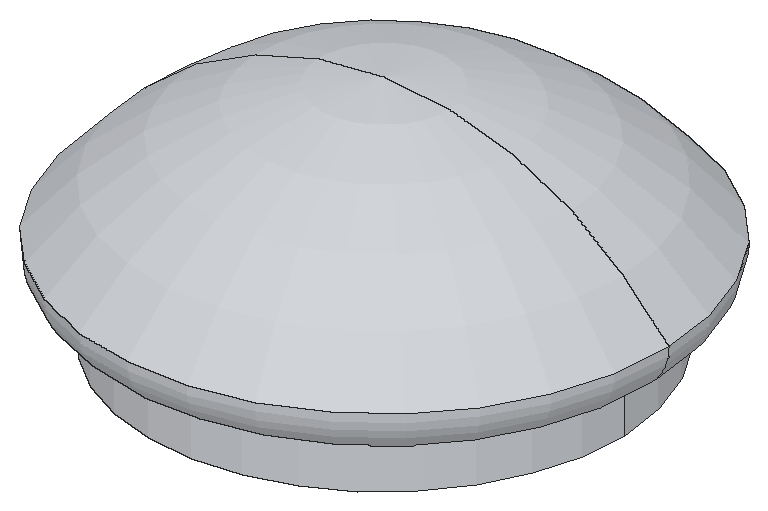
Revit family "0043425", category Lighting Fixtures, host Face, Revit 2017
Family settings
  Host = Face
  Round Connector Dimension = Use Diameter
  Part Type = Normal
  OmniClass Number = 23.80.70.00
  OmniClass Title = Lighting
  Cut with Voids When Loaded = No
  Light Source = Yes
  Shared = No
  Room Calculation Point = No
Parameters (values of type "0043425_3000K START eco Surface IP44 520LM 830/840 DT")
  YIN_SENSOR_SYL = no
  YIN_360_SYL = no
  YIN_330_SYL = no
  YIN_250_SYL = no
  YIN_180_SYL = yes
  Weight = "1.02 kg"
  Wattage Comments = ""
  Wattage = 6 W
  WarrantyStartDate [instance] = "n/a"
  WarrantyGuarantorParts = "n/a"
  WarrantyDurationUnit = "n/a"
  WarrantyDurationParts = "n/a"
  WarrantyDescription = "n/a"
  built-in parameter 1150110 = 1 (stored number, unit not read)
  Voltage = 0 V
  URL = "http://www.sylvania-lighting.com"
  TypeName = "Start eco Surface IP44 520lm 830/840 DualTone"
  Type Image = <None>
  Type Comments = "n/a"
  built-in parameter 1114217 = 1 (stored number, unit not read)
  Tilt Angle = -90.00°
  built-in parameter 1150109 = 1 (stored number, unit not read)
  built-in parameter 1150134 = (empty or 0)
  built-in parameter 1150113 = 1 (stored number, unit not read)
  SerialNumber [instance] = "n/a"
  SENSOR_SYL = 12 mm
  Photometric Web File = "0043425_3000K.ies"
  Material_3_SYL = none
  PowerFactor = 0.8
  PowerConsumption = "6 W"
  NominalLength = 180 mm
  NominalHeight = 75 mm
  NominalDepth = 180 mm
  Name = "Start eco Surface IP44 520lm 830/840 DualTone"
  ModelReference = Name  # "Start eco Surface IP44 520lm 830/840 DualTone"
  ModelNumber = "0043425"
  Model = Name  # "Start eco Surface IP44 520lm 830/840 DualTone"
  Material = "steel housing, other diffuser"
  ManufacturerName = "Feilo Sylvania"
  Manufacturer = "Feilo Sylvania"
  LuminousEfficacy = "85 lm/W"
  built-in parameter 1150105 = 40.585 (stored number, unit not read)
  Lumens = 510 lm
  LuminaireType = ""
  built-in parameter 1150115 = 1 (stored number, unit not read)
  LightOutputRatio = "n/a"
  built-in parameter 1150137 = (empty or 0)
  built-in parameter 1150139 = (empty or 0)
  LampsType = Lamp  # "LED"
  LampNominalLuminous = "520 lm"
  LampMacAdamStep = "6"
  LampColourTemperature = "3000 K"
  LampColourRenderingIndex = "80"
  built-in parameter 1150112 = 1 (stored number, unit not read)
  built-in parameter 1150114 = 1 (stored number, unit not read)
  Lamp = "LED"
  LUM_R_SYL = if(YIN_180_SYL, 90 mm, if(YIN_250_SYL, 125 mm, if(YIN_330_SYL, 165 mm, if(YIN_360_SYL, 180 mm, 180 mm))))  # 90 mm
  LUM_R_HEIGHT_SYL = LUM_H_SYL - 30 mm  # 45 mm
  LUM_H_SYL = if(YIN_180_SYL, 75 mm, if(YIN_250_SYL, 80 mm, if(YIN_330_SYL, 96 mm, if(YIN_360_SYL, 100 mm, 100 mm))))  # 75 mm
  Keynote = "16500"
  InstallationDate [instance] = "n/a"
  InputVoltage = "n/a"
  InputNominalFrequency = "n/a"
  built-in parameter 1150132 = (empty or 0)
  built-in parameter 1150102 = (empty or 0)
  built-in parameter 1150107 = 3000 (stored number, unit not read)
  built-in parameter 1150138 = (empty or 0)
  IngressProtection = "IP44"
  ImpactProtectionIndex = "IK03"
  built-in parameter 1150106 = 0.40585 (stored number, unit not read)
  IfcExportType = "IfcLightFixtureType"
  IfcExportAs = "IfcLightFixtureType"
  Emit from Circle Diameter = 609.6 mm
  Emit Shape Visible in Rendering = no
  ElectricShockClassification = "Class I"
  built-in parameter 1150104 = 7.8968 (stored number, unit not read)
  DocumentationLiterature = "http://www.sylvania-lighting.com/product/en-int/products/0043425"
  DimmingControlOptions = "n/a"
  Material_2_SYL = none
  Dimming Lamp Color Temperature Shift = <None>
  Description = ""
  Default Elevation = 1219.2 mm
  CreatedOn = "8/18/2020"
  CreatedBy = "@sylvania-lighting.com"
  Cost = 0
  Color Filter = 16777215
  built-in parameter 1114216 [instance] = (empty or 0)
  ClassificationValue = "EF_70_80"
  ClassificationName = "Uniclass2015"
  Material_1_SYL = none
  BarCode [instance] = "n/a"
  built-in parameter 1114218 = 1 (stored number, unit not read)
  BOTTOM_R_SYL = if(YIN_180_SYL, 76 mm, if(YIN_250_SYL, 110 mm, if(YIN_330_SYL, 150 mm, if(YIN_360_SYL, 150 mm, 150 mm))))  # 76 mm
  BOTTOM_HEIGHT_SYL = LUM_H_SYL - 15 mm  # 60 mm
  built-in parameter 1150133 = 10 (stored number, unit not read)
  AssetType = "Fixed"
  AssetIdentifier [instance] = "n/a"
  Assembly Code = "D5020200"
  Apparent Load = 6 VA
  Material_4_SYL = none
Types (16, lengths in mm): name | YIN_360_SYL | YIN_330_SYL | YIN_250_SYL | YIN_180_SYL | Weight | Wattage | TypeName | built-in parameter 1150134 | Photometric Web File | PowerFactor | PowerConsumption | NominalLength | NominalHeight | NominalDepth | Name | ModelReference | ModelNumber | Model | LuminousEfficacy | built-in parameter 1150105 | Lumens | LampNominalLuminous | LampColourTemperature | LUM_R_SYL | LUM_R_HEIGHT_SYL | LUM_H_SYL | built-in parameter 1150107 | built-in parameter 1150106 | built-in parameter 1150104 | DocumentationLiterature | BOTTOM_R_SYL | BOTTOM_HEIGHT_SYL | Apparent Load
  0043436_3000K START eco Surface IP44 2050LM MW 830/840 DT | yes | no | no | no | "3.42 kg" | 24 W | "Start eco Surface IP44 2050lm MW 830/840 DualTone" | (empty or 0) | "0043436_3000K.ies" | 0 | "n/a" | 360 | 100 | 360 | "Start eco Surface IP44 2050lm MW 830/840 DualTone" | "Start eco Surface IP44 2050lm MW 830/840 DualTone" | "0043436" | "Start eco Surface IP44 2050lm MW 830/840 DualTone" | "n/a" | (empty or 0) | 0 lm | "2050 lm" | "3000 K" | 180 | 70 | 100 | 3000 (stored number, unit not read) | 1.0982 (stored number, unit not read) | (empty or 0) | "http://www.sylvania-lighting.com/product/en-int/products/0043436" | 150 | 85 | 0 VA
  0043435_4000K START eco Surface IP44 1550LM MW 830/840 DT | no | yes | no | no | "3.42 kg" | 18 W | "Start eco Surface IP44 1550lm MW 830/840 DualTone" | 12 | "0043435_4000K.ies" | 0 | "n/a" | 330 | 96 | 330 | "Start eco Surface IP44 1550lm MW 830/840 DualTone" | "Start eco Surface IP44 1550lm MW 830/840 DualTone" | "0043435" | "Start eco Surface IP44 1550lm MW 830/840 DualTone" | "n/a" | (empty or 0) | 0 lm | "1550 lm" | "4000 K" | 165 | 66 | 96 | 4000 (stored number, unit not read) | 1.0982 (stored number, unit not read) | (empty or 0) | "http://www.sylvania-lighting.com/product/en-int/products/0043435" | 150 | 81 | 0 VA
  0043435_3000K START eco Surface IP44 1550LM MW 830/840 DT | no | yes | no | no | "3.42 kg" | 18 W | "Start eco Surface IP44 1550lm MW 830/840 DualTone" | (empty or 0) | "0043435_3000K.ies" | 0 | "n/a" | 330 | 96 | 330 | "Start eco Surface IP44 1550lm MW 830/840 DualTone" | "Start eco Surface IP44 1550lm MW 830/840 DualTone" | "0043435" | "Start eco Surface IP44 1550lm MW 830/840 DualTone" | "n/a" | (empty or 0) | 0 lm | "1550 lm" | "3000 K" | 165 | 66 | 96 | 3000 (stored number, unit not read) | 1.0982 (stored number, unit not read) | (empty or 0) | "http://www.sylvania-lighting.com/product/en-int/products/0043435" | 150 | 81 | 0 VA
  0043434_4000K START eco Surface IP44 2050LM DIM 30/840 DT | yes | no | no | no | "3.54 kg" | 24 W | "Start eco Surface IP44 2050lm DIM 830/840 DualTone" | 12 | "0043434_4000K.ies" | 0 | "n/a" | 360 | 100 | 360 | "Start eco Surface IP44 2050lm DIM 830/840 DualTone" | "Start eco Surface IP44 2050lm DIM 830/840 DualTone" | "0043434" | "Start eco Surface IP44 2050lm DIM 830/840 DualTone" | "n/a" | (empty or 0) | 0 lm | "2050 lm" | "4000 K" | 180 | 70 | 100 | 4000 (stored number, unit not read) | 1.0982 (stored number, unit not read) | (empty or 0) | "http://www.sylvania-lighting.com/product/en-int/products/0043434" | 150 | 85 | 0 VA
  0043434_3000K START eco Surface IP44 2050LM DIM 30/840 DT | yes | no | no | no | "3.54 kg" | 24 W | "Start eco Surface IP44 2050lm DIM 830/840 DualTone" | (empty or 0) | "0043434_3000K.ies" | 0 | "n/a" | 360 | 100 | 360 | "Start eco Surface IP44 2050lm DIM 830/840 DualTone" | "Start eco Surface IP44 2050lm DIM 830/840 DualTone" | "0043434" | "Start eco Surface IP44 2050lm DIM 830/840 DualTone" | "n/a" | (empty or 0) | 0 lm | "2050 lm" | "3000 K" | 180 | 70 | 100 | 3000 (stored number, unit not read) | 1.0982 (stored number, unit not read) | (empty or 0) | "http://www.sylvania-lighting.com/product/en-int/products/0043434" | 150 | 85 | 0 VA
  0043433_4000K START eco Surface IP44 1550LM DIM 830/840 DT | no | yes | no | no | "3.54 kg" | 18 W | "Start eco Surface IP44 1550lm DIM 830/840 DualTone" | 12 | "0043433_4000K.ies" | 0 | "n/a" | 330 | 96 | 330 | "Start eco Surface IP44 1550lm DIM 830/840 DualTone" | "Start eco Surface IP44 1550lm DIM 830/840 DualTone" | "0043433" | "Start eco Surface IP44 1550lm DIM 830/840 DualTone" | "n/a" | (empty or 0) | 0 lm | "1550 lm" | "4000 K" | 165 | 66 | 96 | 4000 (stored number, unit not read) | 1.0982 (stored number, unit not read) | (empty or 0) | "http://www.sylvania-lighting.com/product/en-int/products/0043433" | 150 | 81 | 0 VA
  0043433_3000K START eco Surface IP44 1550LM DIM 830/840 DT | no | yes | no | no | "3.54 kg" | 18 W | "Start eco Surface IP44 1550lm DIM 830/840 DualTone" | (empty or 0) | "0043433_3000K.ies" | 0 | "n/a" | 330 | 96 | 330 | "Start eco Surface IP44 1550lm DIM 830/840 DualTone" | "Start eco Surface IP44 1550lm DIM 830/840 DualTone" | "0043433" | "Start eco Surface IP44 1550lm DIM 830/840 DualTone" | "n/a" | (empty or 0) | 0 lm | "1550 lm" | "3000 K" | 165 | 66 | 96 | 3000 (stored number, unit not read) | 1.0982 (stored number, unit not read) | (empty or 0) | "http://www.sylvania-lighting.com/product/en-int/products/0043433" | 150 | 81 | 0 VA
  0043428_4000K START eco Surface IP44 2050LM 830/840 DT | yes | no | no | no | "3.12 kg" | 24 W | "Start eco Surface IP44 2050lm 830/840 DualTone" | 12 | "0043428_4000K.ies" | 0 | "n/a" | 360 | 100 | 360 | "Start eco Surface IP44 2050lm 830/840 DualTone" | "Start eco Surface IP44 2050lm 830/840 DualTone" | "0043428" | "Start eco Surface IP44 2050lm 830/840 DualTone" | "n/a" | (empty or 0) | 0 lm | "2050 lm" | "4000 K" | 180 | 70 | 100 | 4000 (stored number, unit not read) | 1.0982 (stored number, unit not read) | (empty or 0) | "http://www.sylvania-lighting.com/product/en-int/products/0043428" | 150 | 85 | 0 VA
  0043428_3000K START eco Surface IP44 2050LM 830/840 DT | yes | no | no | no | "3.12 kg" | 24 W | "Start eco Surface IP44 2050lm 830/840 DualTone" | (empty or 0) | "0043428_3000K.ies" | 0 | "n/a" | 360 | 100 | 360 | "Start eco Surface IP44 2050lm 830/840 DualTone" | "Start eco Surface IP44 2050lm 830/840 DualTone" | "0043428" | "Start eco Surface IP44 2050lm 830/840 DualTone" | "n/a" | (empty or 0) | 0 lm | "2050 lm" | "3000 K" | 180 | 70 | 100 | 3000 (stored number, unit not read) | 1.0982 (stored number, unit not read) | (empty or 0) | "http://www.sylvania-lighting.com/product/en-int/products/0043428" | 150 | 85 | 0 VA
  0043427_4000K START eco Surface IP44 1550LM 830/840 DT | no | yes | no | no | "3.12 kg" | 18 W | "Start eco Surface IP44 1550lm 830/840 DualTone" | 12 | "0043427_4000K.ies" | 0 | "n/a" | 330 | 96 | 330 | "Start eco Surface IP44 1550lm 830/840 DualTone" | "Start eco Surface IP44 1550lm 830/840 DualTone" | "0043427" | "Start eco Surface IP44 1550lm 830/840 DualTone" | "n/a" | (empty or 0) | 0 lm | "1550 lm" | "4000 K" | 165 | 66 | 96 | 4000 (stored number, unit not read) | 1.0982 (stored number, unit not read) | (empty or 0) | "http://www.sylvania-lighting.com/product/en-int/products/0043427" | 150 | 81 | 0 VA
  0043427_3000K START eco Surface IP44 1550LM 830/840 DT | no | yes | no | no | "3.12 kg" | 18 W | "Start eco Surface IP44 1550lm 830/840 DualTone" | (empty or 0) | "0043427_3000K.ies" | 0 | "n/a" | 330 | 96 | 330 | "Start eco Surface IP44 1550lm 830/840 DualTone" | "Start eco Surface IP44 1550lm 830/840 DualTone" | "0043427" | "Start eco Surface IP44 1550lm 830/840 DualTone" | "n/a" | (empty or 0) | 0 lm | "1550 lm" | "3000 K" | 165 | 66 | 96 | 3000 (stored number, unit not read) | 1.0982 (stored number, unit not read) | (empty or 0) | "http://www.sylvania-lighting.com/product/en-int/products/0043427" | 150 | 81 | 0 VA
  0043426_4000K START eco Surface IP44 1025LM 830/840 DT | no | no | yes | no | "1.5 kg" | 12 W | "Start eco Surface IP44 1025lm 830/840 DualTone" | 12 | "0043426_4000K.ies" | 0 | "n/a" | 250 | 80 | 250 | "Start eco Surface IP44 1025lm 830/840 DualTone" | "Start eco Surface IP44 1025lm 830/840 DualTone" | "0043426" | "Start eco Surface IP44 1025lm 830/840 DualTone" | "n/a" | (empty or 0) | 0 lm | "1025 lm" | "4000 K" | 125 | 50 | 80 | 4000 (stored number, unit not read) | 1.0982 (stored number, unit not read) | (empty or 0) | "http://www.sylvania-lighting.com/product/en-int/products/0043426" | 110 | 65 | 0 VA
  0043426_3000K START eco Surface IP44 1025LM 830/840 DT | no | no | yes | no | "1.5 kg" | 12 W | "Start eco Surface IP44 1025lm 830/840 DualTone" | (empty or 0) | "0043426_3000K.ies" | 0 | "n/a" | 250 | 80 | 250 | "Start eco Surface IP44 1025lm 830/840 DualTone" | "Start eco Surface IP44 1025lm 830/840 DualTone" | "0043426" | "Start eco Surface IP44 1025lm 830/840 DualTone" | "n/a" | (empty or 0) | 0 lm | "1025 lm" | "3000 K" | 125 | 50 | 80 | 3000 (stored number, unit not read) | 1.0982 (stored number, unit not read) | (empty or 0) | "http://www.sylvania-lighting.com/product/en-int/products/0043426" | 110 | 65 | 0 VA
  0043425_4000K START eco Surface IP44 520LM 830/840 DT | no | no | no | yes | "1.02 kg" | 6 W | "Start eco Surface IP44 520lm 830/840 DualTone" | 12 | "0043425_4000K.ies" | 0.8 | "6 W" | 180 | 75 | 180 | "Start eco Surface IP44 520lm 830/840 DualTone" | "Start eco Surface IP44 520lm 830/840 DualTone" | "0043425" | "Start eco Surface IP44 520lm 830/840 DualTone" | "85 lm/W" | 40.585 (stored number, unit not read) | 510 lm | "520 lm" | "4000 K" | 90 | 45 | 75 | 4000 (stored number, unit not read) | 0.40585 (stored number, unit not read) | 7.8968 (stored number, unit not read) | "http://www.sylvania-lighting.com/product/en-int/products/0043425" | 76 | 60 | 6 VA
  0043425_3000K START eco Surface IP44 520LM 830/840 DT | no | no | no | yes | "1.02 kg" | 6 W | "Start eco Surface IP44 520lm 830/840 DualTone" | (empty or 0) | "0043425_3000K.ies" | 0.8 | "6 W" | 180 | 75 | 180 | "Start eco Surface IP44 520lm 830/840 DualTone" | "Start eco Surface IP44 520lm 830/840 DualTone" | "0043425" | "Start eco Surface IP44 520lm 830/840 DualTone" | "85 lm/W" | 40.585 (stored number, unit not read) | 510 lm | "520 lm" | "3000 K" | 90 | 45 | 75 | 3000 (stored number, unit not read) | 0.40585 (stored number, unit not read) | 7.8968 (stored number, unit not read) | "http://www.sylvania-lighting.com/product/en-int/products/0043425" | 76 | 60 | 6 VA
  0043436_4000K START eco Surface IP44 2050LM MW 830/840 DT | yes | no | no | no | "3.42 kg" | 24 W | "Start eco Surface IP44 2050lm MW 830/840 DualTone" | 12 | "0043436_4000K.ies" | 0 | "n/a" | 360 | 100 | 360 | "Start eco Surface IP44 2050lm MW 830/840 DualTone" | "Start eco Surface IP44 2050lm MW 830/840 DualTone" | "0043436" | "Start eco Surface IP44 2050lm MW 830/840 DualTone" | "n/a" | (empty or 0) | 0 lm | "2050 lm" | "4000 K" | 180 | 70 | 100 | 4000 (stored number, unit not read) | 1.0982 (stored number, unit not read) | (empty or 0) | "http://www.sylvania-lighting.com/product/en-int/products/0043436" | 150 | 85 | 0 VA
Reference planes
  plane 1 "Center (Front/Back)": y = 0
  plane 2: z = 0
  plane 3 "Center (Left/Right)": x = 0
  plane 4: x = -76
  plane 5: x = -90
  plane 6: z = -75
  plane 7: z = -45
  plane 8: z = -60
  plane 9: z = 12
Forms (mm)
  Revolve 1, solid
    sketch origin (0, 0, 0) x (1, 0, 0) y (0, 0, 1)
      loop
        line (0, -75) -> (0, 0)
        arc (0, 0) -> (-50.127, -12.246) -> (-90, -45) r 116.129
        arc (-90, -45) -> (-86.186, -55.474) -> (-76, -60) r 14.253
        line (-76, -60) -> (-76, -75) -> (0, -75)
      axis (0, -75) -> (0, 0)
    angle from 360 to 0
Dimensions and locks
  "BOTTOM_R_SYL": plane 3 "Center (Left/Right)" to plane 4
  "LUM_R_SYL": plane 3 "Center (Left/Right)" to plane 5
  "BOTTOM_HEIGHT_SYL": host face to plane 8
  "LUM_R_HEIGHT_SYL": host face to plane 7
  "LUM_H_SYL": host face to plane 6
  "SENSOR_SYL": plane 9 to host face
  aligned and locked: plane 2 to host face
  aligned and locked: level to host face
  aligned and locked: Revolve 1 sketch curve to plane 6
  aligned and locked: plane 4 to Revolve 1 sketch curve
  aligned and locked: imposter light to Revolve 1 sketch curve
  aligned and locked: Revolve 1 sketch curve to imposter light
Automatic sketch dimensions
  host sketch curve to host sketch curve = 2438.4 mm  (x2)
  Revolve 1 sketch curve to plane 5 = 0 mm
  Revolve 1 sketch curve to plane 8 = 0 mm
  Revolve 1 sketch curve to plane 7 = 0 mm
  plane 4 to Revolve 1 sketch curve = 0.233 mm
  plane 3 "Center (Left/Right)" to Revolve 1 sketch curve = 1.807 mm
